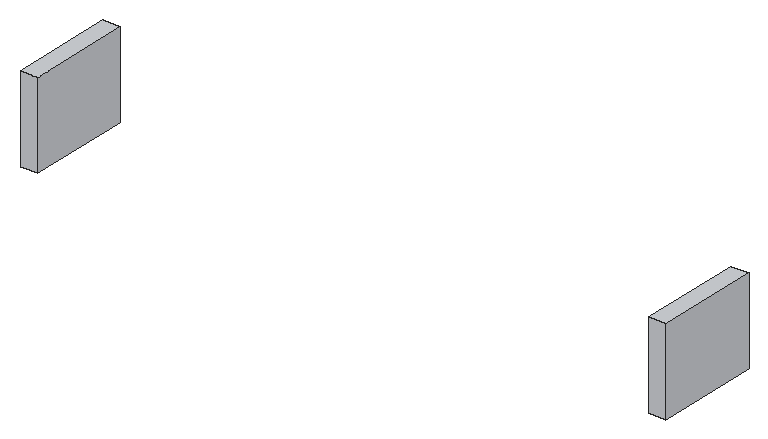
Revit family "ОВ_установка_default", category Оборудование, Revit 2022
Family settings
  Размер круглого соединителя = Использовать диаметр
  Классификация = Нет
  Тип детали = Нормальный
  На основе рабочей плоскости = Нет
  Всегда вертикально = Да
  При загрузке вырезать с полостями = Нет
  Сохранять ориентацию аннотаций = Нет
  Общий = Нет
  Точка принадлежности помещению = Нет
Parameters
  Отметка по умолчанию = 0 mm
  Выпуск_Длина [instance] = 100 mm
  Впуск_Ширина [instance] = 600 mm
  Выпуск_Ширина [instance] = 600 mm
  Выпуск_Отступ [instance] = 100 mm
  Выпуск_Высота [instance] = 500 mm
  Впуск_Снизу [instance] = no
  Впуск_Посередине [instance] = yes
  Впуск_Оступ [instance] = 100 mm
  Впуск_Длина [instance] = 100 mm
  Впуск_Высота [instance] = 500 mm
  Выпуск_Снизу [instance] = no
  Выпуск_Посередине [instance] = yes
  Выпуск_b [instance] = if(Выпуск_Посередине, (ADSK_Размер_Высота / 2) - (Выпуск_Высота / 2), if(Выпуск_Снизу, ADSK_Размер_Высота - Выпуск_Высота, 0 mm))  # 286.069 mm
  Впуск_b [instance] = if(Впуск_Посередине, (ADSK_Размер_Высота / 2) - (Впуск_Высота / 2), if(Впуск_Снизу, ADSK_Размер_Высота - Впуск_Высота, 0 mm))  # 286.069 mm
  ADSK_Этаж [instance] = ""
  ADSK_Размер_Ширина [instance] = 1360 mm
  ADSK_Размер_Длина [instance] = 3760 mm
  ADSK_Размер_Высота = 1072.138 mm
  ADSK_Примечание [instance] = ""
  ADSK_Предел огнестойкости = ""
  ADSK_Позиция [instance] = ""
  ADSK_Обозначение = ""
  ADSK_Наименование краткое = ""
  ADSK_Наименование = ""
  ADSK_Материал обозначение = ""
  ADSK_Материал наименование = ""
  ADSK_Масса = 0
  ADSK_Марка = ""
  ADSK_Количество [instance] = 1
  ADSK_Код изделия = ""
  ADSK_Зона = ""
  ADSK_Завод-изготовитель = ""
  ADSK_Единица измерения = ""
  ADSK_Группирование = ""
  ADSK_URL страницы изделия = ""
  ADSK_URL документации изделия = ""
Reference planes
  plane 1 "По центру (Вперед/Назад)": y = 0
  plane 2: z = 0
  plane 3 "По центру (Влево/Вправо)": x = 0
  plane 4: x = -1880
  plane 5: x = 1880
  plane 6: y = 680
  plane 7: y = -680
  plane 8: z = 1072.138
  plane 9: z = 786.069
  plane 10: z = 286.069
  plane 11: y = 300
  plane 12: y = -300
  plane 13: y = 300
  plane 14: y = -300
  plane 15: z = 0
  plane 16: z = 286.069
  plane 17 "Начало оборудования": x = -1780
  plane 18: x = 1780
  plane 19: z = 786.069
Dimensions and locks
  equal spacing: plane 6, plane 1 "По центру (Вперед/Назад)", plane 7
  "ADSK_Размер_Ширина": plane 6 to plane 7
  equal spacing: plane 4, plane 3 "По центру (Влево/Вправо)", plane 5
  "ADSK_Размер_Длина": plane 4 to plane 5
  "ADSK_Размер_Высота": level to plane 8
  "Выпуск_b": plane 9 to plane 8
  "Выпуск_Высота": plane 10 to plane 9
  equal spacing: plane 11, plane 1 "По центру (Вперед/Назад)", plane 12
  "Выпуск_Ширина": plane 11 to plane 12
  equal spacing: plane 13, plane 1 "По центру (Вперед/Назад)", plane 14
  "Впуск_Ширина": plane 13 to plane 14
  "Выпуск_Длина": plane 4 to plane 17 "Начало оборудования"
  "Впуск_Длина": plane 18 to plane 5
  "Впуск_b": plane 8 to plane 19
  "Впуск_Высота": plane 19 to plane 16
  aligned and locked: level to plane 2
  aligned and locked: plane 5 to nested 2
  aligned and locked: plane 9 to nested 2
  aligned and locked: nested 1 to plane 16
Nested families
  nested 1: "Элементы установки" at (-1830, 0, 286.069), ADSK_Размер_Высота <- "Впуск_Высота", ADSK_Размер_Ширина <- "Впуск_Ширина", ADSK_Размер_Длина <- "Выпуск_Длина", type "Без УГО"
    with ADSK_Размер_Ширина 600 mm, ADSK_Размер_Длина 100 mm, ADSK_Размер_Высота 500 mm
  nested 2: "Элементы установки" at (1830, 0, 286.069), ADSK_Размер_Высота <- "Выпуск_Высота", ADSK_Размер_Ширина <- "Выпуск_Ширина", ADSK_Размер_Длина <- "Впуск_Длина", type "Без УГО"
    with ADSK_Размер_Ширина 600 mm, ADSK_Размер_Длина 100 mm, ADSK_Размер_Высота 500 mm
Definition of nested family "Элементы установки"
  Parameters (values of type "Воздухоохладитель")
    Фильтр = no
    Default Elevation = 0 mm
    Воздухоохладитель = yes
    Воздухонагреватель = no
    Вентилятор = no
    ADSK_Размер_Ширина [instance] = 500 mm
    ADSK_Размер_Длина [instance] = 920 mm
    ADSK_Размер_Высота [instance] = 800 mm
  Types (5, lengths in mm): name | Фильтр | Воздухоохладитель | Воздухонагреватель | Вентилятор
    Вентилятор | no | no | no | yes
    Фильтр | yes | no | no | no
    Без УГО | no | no | no | no
    Воздухонагреватель | no | no | yes | no
    Воздухоохладитель | no | yes | no | no
  Reference planes
    plane 1 "По центру (Вперед/Назад)": y = 0
    plane 2 "Снизу": z = 0
    plane 3 "По центру (Влево/Вправо)": x = 0
    plane 4 "Слева": x = -460
    plane 5 "Справа": x = 460
    plane 6 "Сзади": y = 250
    plane 7 "Спереди": y = -250
    plane 8 "Сверху": z = 800
  Forms (mm)
    Extrusion 1, solid
      sketch origin (0, 0, 0) x (1, 0, 0) y (0, 1, 0)
        loop
          line (-460, 250) -> (-460, -250) -> (460, -250) -> (460, 250) -> (-460, 250)
      from 0 to 800
  Dimensions and locks
    equal spacing: plane 4 "Слева", plane 3 "По центру (Влево/Вправо)", plane 5 "Справа"
    "ADSK_Размер_Длина": plane 4 "Слева" to plane 5 "Справа"
    equal spacing: plane 6 "Сзади", plane 1 "По центру (Вперед/Назад)", plane 7 "Спереди"
    "ADSK_Размер_Ширина": plane 6 "Сзади" to plane 7 "Спереди"
    "ADSK_Размер_Высота": level to plane 8 "Сверху"
    aligned and locked: level to plane 2 "Снизу"
    aligned and locked: Extrusion 1 sketch curve to plane 6 "Сзади"
    aligned and locked: plane 4 "Слева" to Extrusion 1 sketch curve
    aligned and locked: plane 7 "Спереди" to Extrusion 1 sketch curve
    aligned and locked: Extrusion 1 sketch curve to plane 5 "Справа"
    aligned and locked: plane 8 "Сверху" to Extrusion 1
    aligned and locked: plane 4 "Слева" to nested 1
    aligned and locked: plane 2 "Снизу" to nested 1
    aligned and locked: plane 4 "Слева" to nested 2
    aligned and locked: plane 7 "Спереди" to nested 2
    aligned and locked: plane 4 "Слева" to nested 3
    aligned and locked: nested 3 to plane 8 "Сверху"
    aligned and locked: nested 5 to Extrusion 1  (x2)
    aligned and locked: nested 6 to Extrusion 1  (x3)
    aligned and locked: nested 4 to Extrusion 1  (x2)
    aligned and locked: nested 8 to Extrusion 1  (x2)
    aligned and locked: nested 9 to Extrusion 1  (x2)
    aligned and locked: nested 7 to Extrusion 1  (x2)
  Nested families
    nested 1: "УГО_Вентилятор" at (0, -250, 400) x (1, 0, 0) z (0, -1, 0), ADSK_Размер_Высота <- "ADSK_Размер_Высота", ADSK_Размер_Длина <- "ADSK_Размер_Длина", Вентилятор <- "Вентилятор", Фильтр <- "Фильтр", type "УГО_Вентилятор"
      with Фильтр no, Воздухоохладитель no, Воздухонагреватель no, Вентилятор no, l 554.256 mm, i 512 mm, a 160 mm, ADSK_Размер_Длина 920 mm, ADSK_Размер_Диаметр 640 mm, ADSK_Размер_Высота 800 mm
    nested 2: "УГО_Вентилятор" at (0, 0, 800), ADSK_Размер_Высота <- "ADSK_Размер_Ширина", ADSK_Размер_Длина <- "ADSK_Размер_Длина", Вентилятор <- "Вентилятор", Фильтр <- "Фильтр", type "УГО_Вентилятор"
      with Фильтр no, Воздухоохладитель no, Воздухонагреватель no, Вентилятор no, l 346.41 mm, i 320 mm, a 100 mm, ADSK_Размер_Длина 920 mm, ADSK_Размер_Диаметр 400 mm, ADSK_Размер_Высота 500 mm
    nested 3: "УГО_Вентилятор" at (0, 250, 400) x (1, 0, 0) z (0, 1, 0), ADSK_Размер_Высота <- "ADSK_Размер_Высота", ADSK_Размер_Длина <- "ADSK_Размер_Длина", Вентилятор <- "Вентилятор", Фильтр <- "Фильтр", type "УГО_Вентилятор"
      with Фильтр no, Воздухоохладитель no, Воздухонагреватель no, Вентилятор no, l 554.256 mm, i 512 mm, a 160 mm, ADSK_Размер_Длина 920 mm, ADSK_Размер_Диаметр 640 mm, ADSK_Размер_Высота 800 mm
    nested 4: "УГО_Вентилятор" at (0, 250, 400) x (1, 0, 0) z (0, 1, 0), ADSK_Размер_Длина <- "ADSK_Размер_Длина", ADSK_Размер_Высота <- "ADSK_Размер_Высота", visible <- "Воздухонагреватель", type "Воздухонагреватель"
      with Фильтр no, Воздухоохладитель no, Воздухонагреватель yes, Вентилятор no, l 554.256 mm, i 512 mm, a 160 mm, ADSK_Размер_Длина 920 mm, ADSK_Размер_Диаметр 640 mm, ADSK_Размер_Высота 800 mm
    nested 5: "УГО_Вентилятор" at (0, -250, 400) x (-1, 0, 0) z (0, -1, 0), ADSK_Размер_Высота <- "ADSK_Размер_Высота", ADSK_Размер_Длина <- "ADSK_Размер_Длина", visible <- "Воздухонагреватель", type "Воздухонагреватель"
      with Фильтр no, Воздухоохладитель no, Воздухонагреватель yes, Вентилятор no, l 554.256 mm, i 512 mm, a 160 mm, ADSK_Размер_Длина 920 mm, ADSK_Размер_Диаметр 640 mm, ADSK_Размер_Высота 800 mm
    nested 6: "УГО_Вентилятор" at (0, 0, 800), ADSK_Размер_Длина <- "ADSK_Размер_Длина", ADSK_Размер_Высота <- "ADSK_Размер_Ширина", visible <- "Воздухонагреватель", type "Воздухонагреватель"
      with Фильтр no, Воздухоохладитель no, Воздухонагреватель yes, Вентилятор no, l 346.41 mm, i 320 mm, a 100 mm, ADSK_Размер_Длина 920 mm, ADSK_Размер_Диаметр 400 mm, ADSK_Размер_Высота 500 mm
    nested 7: "УГО_Вентилятор" at (0, -250, 400) x (-1, 0, 0) z (0, -1, 0), ADSK_Размер_Высота <- "ADSK_Размер_Высота", ADSK_Размер_Длина <- "ADSK_Размер_Длина", visible <- "Воздухоохладитель", type "Воздухоохладитель"
      with Фильтр no, Воздухоохладитель yes, Воздухонагреватель no, Вентилятор no, l 554.256 mm, i 512 mm, a 160 mm, ADSK_Размер_Длина 920 mm, ADSK_Размер_Диаметр 640 mm, ADSK_Размер_Высота 800 mm
    nested 8: "УГО_Вентилятор" at (0, 250, 400) x (1, 0, 0) z (0, 1, 0), ADSK_Размер_Высота <- "ADSK_Размер_Высота", ADSK_Размер_Длина <- "ADSK_Размер_Длина", visible <- "Воздухоохладитель", type "Воздухоохладитель"
      with Фильтр no, Воздухоохладитель yes, Воздухонагреватель no, Вентилятор no, l 554.256 mm, i 512 mm, a 160 mm, ADSK_Размер_Длина 920 mm, ADSK_Размер_Диаметр 640 mm, ADSK_Размер_Высота 800 mm
    nested 9: "УГО_Вентилятор" at (0, 0, 800), ADSK_Размер_Высота <- "ADSK_Размер_Ширина", ADSK_Размер_Длина <- "ADSK_Размер_Длина", visible <- "Воздухоохладитель", type "Воздухоохладитель"
      with Фильтр no, Воздухоохладитель yes, Воздухонагреватель no, Вентилятор no, l 346.41 mm, i 320 mm, a 100 mm, ADSK_Размер_Длина 920 mm, ADSK_Размер_Диаметр 400 mm, ADSK_Размер_Высота 500 mm
  Definition of nested family "УГО_Вентилятор"
    Parameters (values of type "Воздухонагреватель")
      Фильтр [instance] = no
      Default Elevation = 1219.2 mm
      Воздухоохладитель [instance] = no
      Воздухонагреватель [instance] = yes
      Вентилятор [instance] = no
      l [instance] = ADSK_Размер_Диаметр * cos(30.00°)  # 381.051 mm
      i [instance] = ADSK_Размер_Диаметр - ADSK_Размер_Диаметр / 100 * 20  # 352 mm
      a [instance] = ADSK_Размер_Диаметр / 4  # 110 mm
      ADSK_Размер_Длина [instance] = 1000 mm
      ADSK_Размер_Диаметр [instance] = if(ADSK_Размер_Длина > ADSK_Размер_Высота, ADSK_Размер_Высота * 0.8, ADSK_Размер_Длина * 0.8)  # 440 mm
      ADSK_Размер_Высота [instance] = 550 mm
    Types (5, lengths in mm): name | Фильтр | Воздухоохладитель | Воздухонагреватель | Вентилятор | l | i | a | ADSK_Размер_Диаметр | ADSK_Размер_Высота
      (no name) | no | no | yes | no | 692.82 | 640 | 200 | 800 | 1100
      Вентилятор | no | no | no | yes | 692.82 | 640 | 200 | 800 | 1100
      Фильтр | yes | no | no | no | 692.82 | 640 | 200 | 800 | 1100
      Воздухонагреватель | no | no | yes | no | 381.051 | 352 | 110 | 440 | 550
      Воздухоохладитель | no | yes | no | no | 692.82 | 640 | 200 | 800 | 1100
    Reference planes
      plane 1 "По центру (Вперед/Назад)": y = 0
      plane 2: z = 0
      plane 3 "По центру (Влево/Вправо)": x = 0
      plane 4: y = 275
      plane 5: y = -275
      plane 6: x = -500
      plane 7: x = 500
      plane 8: y = 137.5
      plane 9: y = -137.5
    Forms (mm)
      Extrusion 1, solid, visible <- "Вентилятор"
        sketch origin (0, 0, 0) x (1, 0, 0) y (0, 1, 0)
          loop
            line (220, 0) -> (-110, 190.526) -> (-110, -190.526) -> (220, 0)
        from 0 to 1
    Lines and regions (mm)
      model lines
        curve 1: line (-500, 275, 0) -> (500, 275, 0)
        curve 2: line (-500, -275, 0) -> (-500, 275, 0)
        curve 3: line (500, -275, 0) -> (-500, -275, 0)
        curve 4: line (500, 275, 0) -> (500, -275, 0)
      model lines, visible <- "Вентилятор"
        curve 5: circle (0, 0, 0) r 220 normal (0, 0, 1)
      model lines, visible <- "Фильтр"
        curve 6: line (500, 275, 0) -> (-500, 137.5, 0)
        curve 7: line (500, 0, 0) -> (-500, -137.5, 0)
        curve 8: line (500, -275, 0) -> (-500, -137.5, 0)
        curve 9: line (-500, 137.5, 0) -> (500, 0, 0)
      model lines, visible <- "Воздухонагреватель"
        curve 10: circle (0, 0, 0) r 220 normal (0, 0, 1)
        curve 11: line (0, 176, 0) -> (0, -176, 0)
        curve 12: line (-176, 0, 0) -> (176, 0, 0)
      model lines, visible <- "Воздухоохладитель"
        curve 13: circle (0, 0, 0) r 220 normal (0, 0, 1)
        curve 14: line (-176, 0, 0) -> (176, 0, 0)
    Dimensions and locks
      equal spacing: plane 4, plane 1 "По центру (Вперед/Назад)", plane 5
      "ADSK_Размер_Высота": plane 4 to plane 5
      equal spacing: plane 6, plane 3 "По центру (Влево/Вправо)", plane 7
      "ADSK_Размер_Длина": plane 6 to plane 7
      "a": Extrusion 1 sketch curve to plane 3 "По центру (Влево/Вправо)"
      "l": Extrusion 1 sketch curve to Extrusion 1 sketch curve
      equal spacing: plane 4, plane 8, plane 1 "По центру (Вперед/Назад)"
      equal spacing: plane 5, plane 9, plane 1 "По центру (Вперед/Назад)"
      equal spacing: curve 11, plane 1 "По центру (Вперед/Назад)", curve 11
      "i": curve 11 to curve 11
      equal spacing: curve 12, plane 3 "По центру (Влево/Вправо)", curve 12
      "i": curve 12 to curve 12
      equal spacing: curve 14, plane 3 "По центру (Влево/Вправо)", curve 14
      "i": curve 14 to curve 14
      "ADSK_Размер_Диаметр": diameter of curve 5
      "ADSK_Размер_Диаметр": diameter of curve 10
      "ADSK_Размер_Диаметр": diameter of curve 13
      locked: Extrusion 1 sketch curve to plane 1 "По центру (Вперед/Назад)" (angle 30.00°)
      locked: plane 1 "По центру (Вперед/Назад)" to Extrusion 1 sketch curve (angle 30.00°)
      aligned and locked: level to plane 2
      aligned and locked: curve 1 to plane 4
      aligned and locked: plane 5 to curve 3
      aligned and locked: plane 3 "По центру (Влево/Вправо)" to curve 5
      aligned and locked: plane 1 "По центру (Вперед/Назад)" to curve 5
      aligned and locked: plane 6 to curve 9
      aligned and locked: plane 8 to curve 9
      aligned and locked: plane 7 to curve 9
      aligned and locked: plane 1 "По центру (Вперед/Назад)" to curve 7
      aligned and locked: plane 6 to curve 8
      aligned and locked: plane 7 to curve 8
      aligned and locked: plane 3 "По центру (Влево/Вправо)" to curve 10
      aligned and locked: plane 1 "По центру (Вперед/Назад)" to curve 10
      aligned and locked: plane 3 "По центру (Влево/Вправо)" to curve 13
      aligned and locked: plane 1 "По центру (Вперед/Назад)" to curve 13
    Automatic sketch dimensions
      curve 11 to plane 3 "По центру (Влево/Вправо)" = 0 mm
      curve 7 to plane 9 = 0 mm
      plane 1 "По центру (Вперед/Назад)" to curve 12 = 0 mm
      plane 1 "По центру (Вперед/Назад)" to curve 14 = 0 mm
      curve 6 to plane 8 = 0 mm
      plane 1 "По центру (Вперед/Назад)" to Extrusion 1 sketch curve = 0 mm
